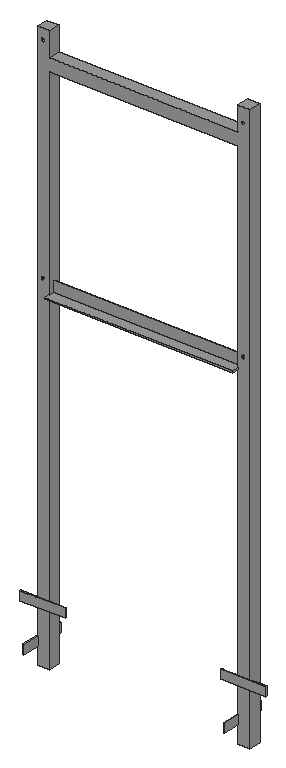
Revit family "FireFighting_Frame-for-Fire-Box_Galvin_380444", category Mechanical Equipment, Revit 2012
Parameters (values of type "380444")
  URL = "www.galvinengineering.com.au"
  Type Comments = "380444"
  StyleOrType_ANZRS = "Fire Fighting Equipment"
  ModifiedIssue_ANZRS = 20140514.01  # constant formula
  Model = "380444"
  Material = Metal_Fire-Fighting_Galvanised-Iron_15400
  Manufacturer = "Galvin Engineering"
  Keynote = "10520"
  Instructions = "http://www.galvinengineering.com.au/Installation_Guides_1.aspx"
  FilterObject_ANZRS = "380444"
  DimWidth = 890.0 mm  # constant formula
  DimHeight = 2400.0 mm  # constant formula
  Description = "H Frame for Type A Fire Box (Galvanized)"
  CreatedBy_ANZRS = "Galvin Engineering"
  CreatedByURL_ANZRS = "www.galvinengineering.com.au"
  CreatedByPhoneNo_ANZRS = "61-8-92495900"
  Assembly Code = "D4030"
Reference planes
  plane 1 "Center (Front/Back)": y = 0
  plane 2 "Bottom": z = 0
  plane 3 "Center (Left/Right)": x = 0
  plane 4 "Top": z = 2400
  plane 5 "Left": x = -445
  plane 6 "Right": x = 445
Forms (mm)
  Extrusion 1, solid, material "Metal_Fire-Fighting_Galvanised-Iron_15400" <- "Material"
    sketch origin (0, 0, 0) x (1, 0, 0) y (0, 0, 1)
      loop
        line (-445, 0) -> (-395, 0) -> (-395, 2247) -> (395, 2247) -> (395, 0) -> (445, 0) -> (445, 2400) -> (395, 2400) -> (395, 2300) -> (-395, 2300) -> (-395, 2400) -> (-445, 2400) -> (-445, 0)
      loop
        circle (-419.99, 2358) r 6.5
      loop
        circle (419.817, 2340.01) r 6.5
      loop
        circle (-419.99, 1462) r 6.5
      loop
        circle (419.817, 1462) r 6.5
    from -25 to 25
  Extrusion 2, solid, material "Metal_Fire-Fighting_Galvanised-Iron_15400" <- "Material"
    sketch origin (192.798, 0, 0) x (0, 1, 0) y (0, 0, 1)
      loop
        line (0, 1405) -> (0, 1455) -> (-5, 1455) -> (-5, 1410) -> (-50, 1410) -> (-50, 1405) -> (0, 1405)
    from -587.798 to 202.201
  Extrusion 3, solid, material "Metal_Fire-Fighting_Galvanised-Iron_15400" <- "Material"
    sketch origin (0, 0, 0) x (1, 0, 0) y (0, 0, 1)
      loop
        line (-515, 258) -> (-515, 220) -> (-325, 220) -> (-325, 258) -> (-515, 258)
      loop
        line (325, 258) -> (325, 220) -> (515, 220) -> (515, 258) -> (325, 258)
    from 25 to 29
  Extrusion 4, solid, material "Metal_Fire-Fighting_Galvanised-Iron_15400" <- "Material"
    sketch origin (0, 0, 0) x (1, 0, 0) y (0, 0, 1)
      loop
        line (-448.99, 70) -> (-445, 70) -> (-445, 108) -> (-448.99, 108) -> (-448.99, 70)
      loop
        line (391.01, 108) -> (391.01, 70) -> (395, 70) -> (395, 108) -> (391.01, 108)
    from -95 to 95
Dimensions and locks
  "DimHeight": plane 4 "Top" to plane 2 "Bottom"
  "DimWidth": plane 5 "Left" to plane 6 "Right"
  aligned and locked: plane 2 "Bottom" to level
  aligned and locked: Extrusion 1 sketch curve to plane 5 "Left"
  aligned and locked: plane 6 "Right" to Extrusion 1 sketch curve
  aligned and locked: Extrusion 1 sketch curve to plane 2 "Bottom"
  aligned and locked: Extrusion 1 sketch curve to plane 4 "Top"
  aligned and locked: Extrusion 2 sketch curve to plane 1 "Center (Front/Back)"
Automatic sketch dimensions
  Extrusion 1 sketch curve to plane 6 "Right" = 50.0 mm  (x2)
  Extrusion 1 sketch curve to level = 0.0 mm
  Extrusion 1 sketch curve to plane 4 "Top" = 0.0 mm
  Extrusion 1 sketch curve to plane 5 "Left" = 25.01 mm  (x2)
  Extrusion 1 sketch curve to plane 6 "Right" = 25.183 mm  (x2)
  plane 4 "Top" to Extrusion 1 sketch curve = 938.0 mm
  Extrusion 1 sketch curve to Extrusion 1 sketch curve = 0.0 mm  (x2)
  Extrusion 1 sketch curve to Extrusion 1 sketch curve = 100.0 mm
  Extrusion 1 sketch curve to Extrusion 1 sketch curve = 40.01 mm
  plane 4 "Top" to Extrusion 1 sketch curve = 42.0 mm
  Extrusion 1 sketch curve to Extrusion 1 sketch curve = 24.99 mm
  Extrusion 1 sketch curve to Extrusion 1 sketch curve = 53.0 mm
  plane 1 "Center (Front/Back)" to Extrusion 2 sketch curve = 5.0 mm
  Extrusion 2 sketch curve to Extrusion 2 sketch curve = 45.0 mm  (x2)
  plane 5 "Left" to Extrusion 3 sketch curve = 70.0 mm
  Extrusion 3 sketch curve to plane 5 "Left" = 120.0 mm
  Extrusion 3 sketch curve to plane 6 "Right" = 120.0 mm
  plane 6 "Right" to Extrusion 3 sketch curve = 70.0 mm
  level to Extrusion 3 sketch curve = 220.0 mm  (x2)
  Extrusion 3 sketch curve to Extrusion 3 sketch curve = 38.0 mm  (x2)
  plane 5 "Left" to Extrusion 4 sketch curve = 0.0 mm
  Extrusion 4 sketch curve to Extrusion 4 sketch curve = 3.99 mm  (x2)
  Extrusion 4 sketch curve to plane 6 "Right" = 53.99 mm
  level to Extrusion 4 sketch curve = 70.0 mm  (x2)
  Extrusion 4 sketch curve to Extrusion 4 sketch curve = 38.0 mm  (x2)
  plane 4 "Top" to Extrusion 2 sketch curve = 995.0 mm
  Extrusion 2 sketch curve to Extrusion 2 sketch curve = 5.0 mm
  radius of Extrusion 1 sketch curve = 6.5 mm  (x4)
